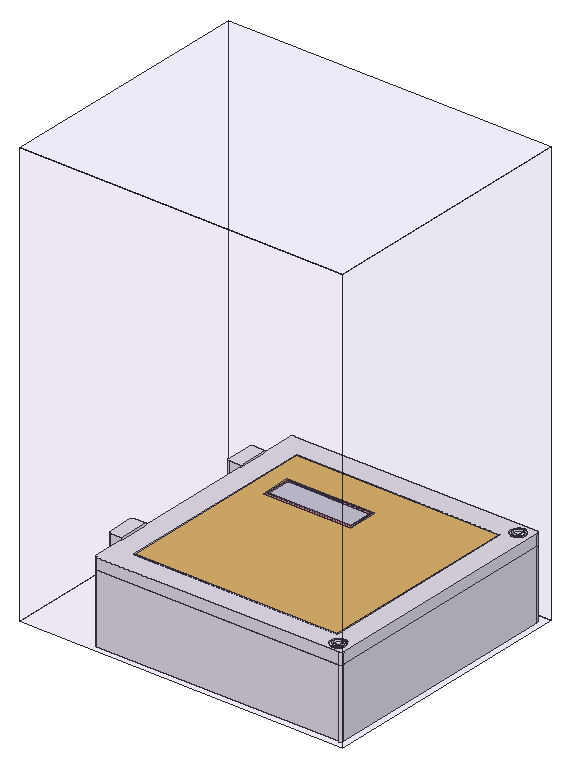
Revit family "GM - Gas Monitor Panel", category Electrical Equipment, host Face, Revit 2019
Family settings
  Host = Face
  Panel Configuration = Two Columns, Circuits Across
  Round Connector Dimension = Use Diameter
  Part Type = Panelboard
  Cut with Voids When Loaded = No
  Shared = No
  Room Calculation Point = No
Parameters
  Default Elevation = 1219.2 mm
Reference planes
  plane 1 "Center (Front/Back)": y = 0
  plane 2: z = 0
  plane 3 "Center (Left/Right)": x = 0
  plane 4: y = 38
  plane 5: x = 48
  plane 6: z = 59
  plane 7: z = 44
  plane 8: x = -44
  plane 9 "Clearance Zone Left": x = -140
  plane 10 "Clearance Zone Top": y = 95
  plane 11 "Clearance Zone Right": x = 95
  plane 12 "Clearance Zone Bottom": y = -95
  plane 13 "Clearance Zone Front": z = 309
Forms (mm)
  Extrusion 1, solid, material "Polycarbonate - White"
    sketch origin (0, 0, 0) x (1, 0, 0) y (0, 1, 0)
      loop
        arc (-88, 90) -> (-89.414, 89.414) -> (-90, 88) r 2
        line (-90, 88) -> (-90, -88)
        arc (-90, -88) -> (-89.414, -89.414) -> (-88, -90) r 2
        line (-88, -90) -> (88, -90)
        arc (88, -90) -> (89.414, -89.414) -> (90, -88) r 2
        line (90, -88) -> (90, 88)
        arc (90, 88) -> (89.414, 89.414) -> (88, 90) r 2
        line (88, 90) -> (-88, 90)
    from 0 to 50
  Extrusion 2, solid, material "Polycarbonate - White"
    sketch origin (0, 0, 50) x (1, 0, 0) y (0, 1, 0)
      loop
        arc (-88, 90) -> (-89.414, 89.414) -> (-90, 88) r 2
        line (-90, 88) -> (-90, -88)
        arc (-90, -88) -> (-89.414, -89.414) -> (-88, -90) r 2
        line (-88, -90) -> (88, -90)
        arc (88, -90) -> (89.414, -89.414) -> (90, -88) r 2
        line (90, -88) -> (90, 88)
        arc (90, 88) -> (89.414, 89.414) -> (88, 90) r 2
        line (88, 90) -> (-88, 90)
      loop
        line (74, 74) -> (-74, 74) -> (-74, -74) -> (74, -74) -> (74, 74)
      loop
        circle (81.392, 82) r 5.5
      loop
        circle (81.392, -82) r 5.5
    from 0 to 8
  Extrusion 3, solid, material "Glass"
    sketch origin (0, 5.097, 50) x (1, 0, 0) y (0, 1, 0)
      loop
        line (-58.723, 41.903) -> (-58.723, 23.903) -> (1.277, 23.903) -> (1.277, 41.903) -> (-58.723, 41.903)
    from 7.153 to 8
  Extrusion 4, solid, material "Plastic Sticker"
    sketch origin (0, 0, 50) x (1, 0, 0) y (0, 1, 0)
      loop
        line (-74, 74) -> (-74, -74) -> (74, -74) -> (74, 74) -> (-74, 74)
      loop
        line (-60.223, 48.463) -> (-60.223, 27.5) -> (2.777, 27.5) -> (2.777, 48.463) -> (-60.223, 48.463)
    from 0 to 8
  Extrusion 5, solid
    sketch origin (0, 0, 50) x (1, 0, 0) y (0, 1, 0)
      loop
        line (-58.723, 47) -> (-58.723, 29) -> (1.277, 29) -> (1.277, 47) -> (-58.723, 47)
    from 2.849 to 8
  Extrusion 6, solid, material "Polycarbonate - White"
    sketch origin (0, 27, 50) x (1, 0, 0) y (0, 1, 0)
      loop
        line (-90, 38) -> (-98, 38)
        arc (-98, 38) -> (-99.414, 37.414) -> (-100, 36) r 2
        line (-100, 36) -> (-100, 18)
        arc (-100, 18) -> (-99.414, 16.586) -> (-98, 16) r 2
        line (-98, 16) -> (-90, 16) -> (-90, 38)
    from -6 to 9
  Extrusion 7, solid, material "Polycarbonate - White"
    sketch origin (0, 27, 33) x (0, -1, 0) y (-1, 0, 0)
      loop
        line (-38, 90) -> (-16, 90) -> (-16, 98)
        arc (-16, 98) -> (-16.586, 99.414) -> (-18, 100) r 2
        line (-18, 100) -> (-36, 100)
        arc (-36, 100) -> (-37.414, 99.414) -> (-38, 98) r 2
        line (-38, 98) -> (-38, 90)
    from -6 to 9
  Extrusion 8, solid, material "Polycarbonate - White"
    sketch origin (0, 27, 48) x (0, -1, 0) y (-1, 0, 0)
      loop
        line (-38, 90) -> (-16, 90) -> (-16, 98)
        arc (-16, 98) -> (-16.586, 99.414) -> (-18, 100) r 2
        line (-18, 100) -> (-36, 100)
        arc (-36, 100) -> (-37.414, 99.414) -> (-38, 98) r 2
        line (-38, 98) -> (-38, 90)
    from 4 to 9
  Extrusion 9, solid, material "Polycarbonate - White"
    sketch origin (0, 0, 50) x (1, 0, 0) y (0, 1, 0)
      loop
        circle (81.392, 82) r 5
      loop
        circle (81.392, 82) r 4
    from 0 to 8
  Extrusion 10, solid, material "Polycarbonate - White"
    sketch origin (0, 0, 50) x (1, 0, 0) y (0, 1, 0)
      loop
        circle (81.392, -82) r 5
      loop
        circle (81.392, -82) r 4
    from 0 to 8
  Extrusion 11, solid, material "Polycarbonate - White"
    sketch origin (0, 0, 58) x (1, 0, 0) y (0, 1, 0)
      loop
        line (81.392, 85.5) -> (81.392, 82) -> (84.892, 82)
        arc (84.892, 82) -> (83.867, 84.475) -> (81.392, 85.5) r 3.5
    from -8 to -1
  Extrusion 12, solid, material "Polycarbonate - White"
    sketch origin (162.784, 0, 58) x (-1, 0, 0) y (0, -1, 0)
      loop
        arc (81.392, -85.5) -> (83.867, -84.475) -> (84.892, -82) r 3.5
        line (84.892, -82) -> (81.392, -82) -> (81.392, -85.5)
    from -8 to -1
  Extrusion 13, solid, material "Polycarbonate - White"
    sketch origin (0, 164, 58) x (1, 0, 0) y (0, 1, 0)
      loop
        arc (81.392, -85.5) -> (83.867, -84.475) -> (84.892, -82) r 3.5
        line (84.892, -82) -> (81.392, -82) -> (81.392, -85.5)
    from -8 to -1
  Extrusion 14, solid, material "Polycarbonate - White"
    sketch origin (162.784, 164, 58) x (-1, 0, 0) y (0, -1, 0)
      loop
        line (81.392, 85.5) -> (81.392, 82) -> (84.892, 82)
        arc (84.892, 82) -> (83.867, 84.475) -> (81.392, 85.5) r 3.5
    from -8 to -1
  Extrusion 15, solid, material "Polycarbonate - White"
    sketch origin (0, 0, 58) x (1, 0, 0) y (0, 1, 0)
      loop
        arc (81.392, -85.5) -> (83.867, -84.475) -> (84.892, -82) r 3.5
        line (84.892, -82) -> (81.392, -82) -> (81.392, -85.5)
    from -8 to -1
  Extrusion 16, solid, material "Polycarbonate - White"
    sketch origin (162.784, 0, 58) x (-1, 0, 0) y (0, -1, 0)
      loop
        line (81.392, 85.5) -> (81.392, 82) -> (84.892, 82)
        arc (84.892, 82) -> (83.867, 84.475) -> (81.392, 85.5) r 3.5
    from -8 to -1
  Extrusion 17, solid, material "Polycarbonate - White"
    sketch origin (0, -164, 58) x (1, 0, 0) y (0, 1, 0)
      loop
        line (81.392, 85.5) -> (81.392, 82) -> (84.892, 82)
        arc (84.892, 82) -> (83.867, 84.475) -> (81.392, 85.5) r 3.5
    from -8 to -1
  Extrusion 18, solid, material "Polycarbonate - White"
    sketch origin (162.784, -164, 58) x (-1, 0, 0) y (0, -1, 0)
      loop
        arc (81.392, -85.5) -> (83.867, -84.475) -> (84.892, -82) r 3.5
        line (84.892, -82) -> (81.392, -82) -> (81.392, -85.5)
    from -8 to -1
  Extrusion 19, solid, material "Polycarbonate - White"
    sketch origin (0, -27, 50) x (1, 0, 0) y (0, 1, 0)
      loop
        line (-90, -38) -> (-90, -16) -> (-98, -16)
        arc (-98, -16) -> (-99.414, -16.586) -> (-100, -18) r 2
        line (-100, -18) -> (-100, -36)
        arc (-100, -36) -> (-99.414, -37.414) -> (-98, -38) r 2
        line (-98, -38) -> (-90, -38)
    from -6 to 9
  Extrusion 20, solid, material "Polycarbonate - White"
    sketch origin (0, -27, 33) x (0, -1, 0) y (-1, 0, 0)
      loop
        line (38, 90) -> (38, 98)
        arc (38, 98) -> (37.414, 99.414) -> (36, 100) r 2
        line (36, 100) -> (18, 100)
        arc (18, 100) -> (16.586, 99.414) -> (16, 98) r 2
        line (16, 98) -> (16, 90) -> (38, 90)
    from -6 to 9
  Extrusion 21, solid, material "Polycarbonate - White"
    sketch origin (0, -27, 48) x (0, -1, 0) y (-1, 0, 0)
      loop
        line (38, 90) -> (38, 98)
        arc (38, 98) -> (37.414, 99.414) -> (36, 100) r 2
        line (36, 100) -> (18, 100)
        arc (18, 100) -> (16.586, 99.414) -> (16, 98) r 2
        line (16, 98) -> (16, 90) -> (38, 90)
    from 4 to 9
  Extrusion 22, solid, material "Aluminum - Anodized Rough (Red)"
    sketch origin (0, 0, 58) x (1, 0, 0) y (0, 1, 0)
      loop
        line (-60.223, 48.5) -> (-60.223, 27.5) -> (2.777, 27.5) -> (2.777, 48.5) -> (-60.223, 48.5)
      loop
        line (-58.723, 47) -> (-58.723, 29) -> (1.277, 29) -> (1.277, 47) -> (-58.723, 47)
    from -0.847 to 0
  Extrusion 23, solid, material "Clearance Zones"
    sketch origin (0, 0, 58) x (1, 0, 0) y (0, 1, 0)
      loop
        line (-140, 95) -> (-140, -95) -> (95, -95) -> (95, 95) -> (-140, 95)
    from -58 to 251
Dimensions and locks
  locked: Extrusion 2 to plane 11 "Clearance Zone Right" at 5
  locked: plane 10 "Clearance Zone Top" to Extrusion 2 at 5
  locked: Extrusion 2 to plane 12 "Clearance Zone Bottom" at 5
  locked: plane 9 "Clearance Zone Left" to Extrusion 2 at 50
  locked: plane 13 "Clearance Zone Front" to host face at 309
  aligned and locked: plane 2 to host face
  aligned and locked: level to host face
Connectors
  electrical at (0, 0, 0)
    settings: on Extrusion 1, index 1, voltage 240 V, apparent load 0 VA, apparent load phase1 10 VA, apparent load phase2 0 VA, apparent load phase3 0 VA, power factor 1, load classification "Other", number of poles 1, system type 31, power factor state 1, is connector primary yes, connector utility no, sub classification motor no, connector description ""
